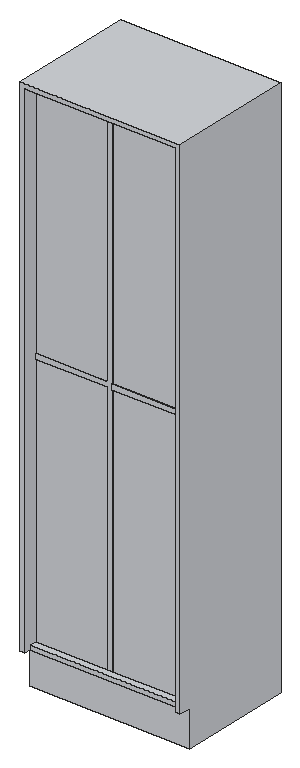
Revit family "Tall Choral Folio Cabinet", category Furniture, Revit 2011
Parameters (values of type "Standard Cabinet #60")
  URL = "http://www.wengercorp.com/Home/Contact.html"
  Toekick Material [instance] = none
  Thickness Wood = 3/4"
  RH End Panel [instance] = no
  Model = "60"
  Manufacturer = "Wenger Corporation"
  LH End Panel [instance] = no
  End Panel Material [instance] = none
  Edge Banding Material [instance] = none
  Door Material [instance] = none
  Description = "Standard Cabinet #60"
  Cabinet Width = 24 5/8"
  Cabinet Label = Labels : Standard
  Cabinet Height = 84"
  Cabinet Depth = 19 1/4"
  Cabinet Back Thickness = 3/4"
  Assembly Code = ""
Types (4): name | Thickness Wood | Model | Description | Cabinet Width | Cabinet Label | Cabinet Height | Cabinet Depth | Cabinet Back Thickness
  Standard Cabinet #60 | 3/4" | "60" | "Standard Cabinet #60" | 24 5/8" | Labels : Standard | 84" | 19 1/4" | 3/4"
  Acoustic Cabinet #60 | 0.74383" | "60A" | "Acoustic Cabinet #60" | 18 3/4" | Labels : Acoustic | 38 5/16" | 31 3/4" | 3 1/4"
  Narrow Acoustic Cabinet #60 | 0.74383" | "60NA" | "Narrow Acoustic Cabinet #60" | 14 3/4" | Labels : Narrow Acoustic | 38 5/16" | 31 3/4" | 3 1/4"
  Narrow Cabinet #60 | 0.74383" | "60N" | "Narrow Cabinet #60" | 14 3/4" | Labels : Narrow | 38 5/16" | 29 1/4" | 3/4"
Reference planes (in)
  plane 1 "Front": y = -12.6937
  plane 2: z = 0
  plane 3 "Left": x = -3.63898
  plane 4 "Top": z = 84
  plane 5: z = 5.5
  plane 6: x = 7.54852
  plane 7: x = 8.29852
  plane 8: y = 6.5563
  plane 9 "Left  Work Plane": x = -4.38898
  plane 10: x = 19.48602
  plane 11: y = -10.9437
  plane 12: y = 5.8063
  plane 13: z = 83.25
  plane 14: z = 46
  plane 15: z = 45.25
  plane 16 "Right Work Plane": x = 20.23602
  plane 17: z = 6.25
  plane 18: y = -11.8187
  plane 19: z = 79.25
  plane 20: z = 43.75
  plane 21 "Array Top": z = 81.75
  plane 22 "Array Plane": y = -10.6937
  plane 23: x = 7.92352
  plane 24: y = -2.6312
Forms (in)
  Extrusion 1, solid
    sketch origin (-4.38898, 0, 0) x (0, 0, 1) y (0, -1, 0)
      loop
        line (84, -6.5563) -> (84, 12.6937) -> (5.5, 12.6937) -> (5.5, 10.9437) -> (0, 10.9437) -> (0, -6.5563) -> (84, -6.5563)
    from 0 to 24.625 <- "Cabinet Width"
  Extrusion 2, void
    sketch origin (20.23602, 0, 0) x (0, 1, 0) y (0, 0, 1)
      loop
        line (-13.17024, 5.5) -> (-11.6937, 5.5) -> (-11.6937, 6.25) -> (-10.6937, 6.25) -> (-10.6937, 45.25) -> (-10.9437, 45.25) -> (-10.9437, 46) -> (-10.6937, 46) -> (-10.6937, 83.25) -> (-13.17024, 83.25) -> (-13.17024, 5.5)
    from -11.9375 to -0.75
  Extrusion 3, void
    sketch origin (20.23602, 0, 0) x (0, 1, 0) y (0, 0, 1)
      loop
        line (-13.17024, 5.5) -> (-11.6937, 5.5) -> (-11.6937, 6.25) -> (-10.6937, 6.25) -> (-10.6937, 45.25) -> (-10.8187, 45.25) -> (-10.8187, 46) -> (-10.6937, 46) -> (-10.6937, 83.25) -> (-13.17024, 83.25) -> (-13.17024, 5.5)
    from -23.875 to -12.6875
  Extrusion 4, void
    sketch origin (20.23602, 0, 0) x (0, 1, 0) y (0, 0, 1)
      loop
        line (-13.17024, 6.25) -> (-10.8187, 6.25) -> (-10.8187, 83.25) -> (-13.17024, 83.25) -> (-13.17024, 6.25)
    from -12.6875 to -11.9375
  Extrusion 5, void
    sketch origin (20.23602, 0, 0) x (0, 1, 0) y (0, 0, 1)
      loop
        line (-13.17024, 5.5) -> (-11.6937, 5.5) -> (-11.6937, 6.25) -> (-13.17024, 6.25) -> (-13.17024, 5.5)
    from -12.6875 to -11.9375
Cuts and joins
  Extrusion 2, Extrusion 3, Extrusion 4, Extrusion 5 cuts Extrusion 1
Lines and regions (in)
  model lines
    curve 1: line (-3.63898, -10.6937, 82) -> (7.61102, -10.6937, 82)
    curve 2: line (-3.63898, -10.6937, 80.5) -> (7.61102, -10.6937, 80.5)
    curve 3: line (-3.63898, -10.6937, 79) -> (7.61102, -10.6937, 79)
    curve 4: line (-3.63898, -10.6937, 77.5) -> (7.61102, -10.6937, 77.5)
    curve 5: line (-3.63898, -10.6937, 76) -> (7.61102, -10.6937, 76)
    curve 6: line (-3.63898, -10.6937, 74.5) -> (7.61102, -10.6937, 74.5)
    curve 7: line (-3.63898, -10.6937, 73) -> (7.61102, -10.6937, 73)
    curve 8: line (-3.63898, -10.6937, 71.5) -> (7.61102, -10.6937, 71.5)
    curve 9: line (-3.63898, -10.6937, 70) -> (7.61102, -10.6937, 70)
    curve 10: line (-3.63898, -10.6937, 68.5) -> (7.61102, -10.6937, 68.5)
    curve 11: line (-3.63898, -10.6937, 67) -> (7.61102, -10.6937, 67)
    curve 12: line (-3.63898, -10.6937, 65.5) -> (7.61102, -10.6937, 65.5)
    curve 13: line (-3.63898, -10.6937, 64) -> (7.61102, -10.6937, 64)
    curve 14: line (-3.63898, -10.6937, 62.5) -> (7.61102, -10.6937, 62.5)
    curve 15: line (-3.63898, -10.6937, 61) -> (7.61102, -10.6937, 61)
    curve 16: line (-3.63898, -10.6937, 59.5) -> (7.61102, -10.6937, 59.5)
    curve 17: line (-3.63898, -10.6937, 58) -> (7.61102, -10.6937, 58)
    curve 18: line (-3.63898, -10.6937, 56.5) -> (7.61102, -10.6937, 56.5)
    curve 19: line (-3.63898, -10.6937, 55) -> (7.61102, -10.6937, 55)
    curve 20: line (-3.63898, -10.6937, 53.5) -> (7.61102, -10.6937, 53.5)
    curve 21: line (-3.63898, -10.6937, 52) -> (7.61102, -10.6937, 52)
    curve 22: line (-3.63898, -10.6937, 50.5) -> (7.61102, -10.6937, 50.5)
    curve 23: line (-3.63898, -10.6937, 49) -> (7.61102, -10.6937, 49)
    curve 24: line (-3.63898, -10.6937, 47.5) -> (7.61102, -10.6937, 47.5)
    curve 25: line (8.36102, -10.6937, 82) -> (19.61102, -10.6937, 82)
    curve 26: line (8.36102, -10.6937, 80.5) -> (19.61102, -10.6937, 80.5)
    curve 27: line (8.36102, -10.6937, 79) -> (19.61102, -10.6937, 79)
    curve 28: line (8.36102, -10.6937, 77.5) -> (19.61102, -10.6937, 77.5)
    curve 29: line (8.36102, -10.6937, 76) -> (19.61102, -10.6937, 76)
    curve 30: line (8.36102, -10.6937, 74.5) -> (19.61102, -10.6937, 74.5)
    curve 31: line (8.36102, -10.6937, 73) -> (19.61102, -10.6937, 73)
    curve 32: line (8.36102, -10.6937, 71.5) -> (19.61102, -10.6937, 71.5)
    curve 33: line (8.36102, -10.6937, 70) -> (19.61102, -10.6937, 70)
    curve 34: line (8.36102, -10.6937, 68.5) -> (19.61102, -10.6937, 68.5)
    curve 35: line (8.36102, -10.6937, 67) -> (19.61102, -10.6937, 67)
    curve 36: line (8.36102, -10.6937, 65.5) -> (19.61102, -10.6937, 65.5)
    curve 37: line (8.36102, -10.6937, 64) -> (19.61102, -10.6937, 64)
    curve 38: line (8.36102, -10.6937, 62.5) -> (19.61102, -10.6937, 62.5)
    curve 39: line (8.36102, -10.6937, 61) -> (19.61102, -10.6937, 61)
    curve 40: line (8.36102, -10.6937, 59.5) -> (19.61102, -10.6937, 59.5)
    curve 41: line (8.36102, -10.6937, 58) -> (19.61102, -10.6937, 58)
    curve 42: line (8.36102, -10.6937, 56.5) -> (19.61102, -10.6937, 56.5)
    curve 43: line (8.36102, -10.6937, 55) -> (19.61102, -10.6937, 55)
    curve 44: line (8.36102, -10.6937, 53.5) -> (19.61102, -10.6937, 53.5)
    curve 45: line (8.36102, -10.6937, 52) -> (19.61102, -10.6937, 52)
    curve 46: line (8.36102, -10.6937, 50.5) -> (19.61102, -10.6937, 50.5)
    curve 47: line (8.36102, -10.6937, 49) -> (19.61102, -10.6937, 49)
    curve 48: line (8.36102, -10.6937, 47.5) -> (19.61102, -10.6937, 47.5)
    curve 49: line (-3.63898, -10.6937, 43.75) -> (7.61102, -10.6937, 43.75)
    curve 50: line (-3.63898, -10.6937, 42.25) -> (7.61102, -10.6937, 42.25)
    curve 51: line (-3.63898, -10.6937, 40.75) -> (7.61102, -10.6937, 40.75)
    curve 52: line (-3.63898, -10.6937, 39.25) -> (7.61102, -10.6937, 39.25)
    curve 53: line (-3.63898, -10.6937, 37.75) -> (7.61102, -10.6937, 37.75)
    curve 54: line (-3.63898, -10.6937, 36.25) -> (7.61102, -10.6937, 36.25)
    curve 55: line (-3.63898, -10.6937, 34.75) -> (7.61102, -10.6937, 34.75)
    curve 56: line (-3.63898, -10.6937, 33.25) -> (7.61102, -10.6937, 33.25)
    curve 57: line (-3.63898, -10.6937, 31.75) -> (7.61102, -10.6937, 31.75)
    curve 58: line (-3.63898, -10.6937, 30.25) -> (7.61102, -10.6937, 30.25)
    curve 59: line (-3.63898, -10.6937, 28.75) -> (7.61102, -10.6937, 28.75)
    curve 60: line (-3.63898, -10.6937, 27.25) -> (7.61102, -10.6937, 27.25)
    curve 61: line (-3.63898, -10.6937, 25.75) -> (7.61102, -10.6937, 25.75)
    curve 62: line (-3.63898, -10.6937, 24.25) -> (7.61102, -10.6937, 24.25)
    curve 63: line (-3.63898, -10.6937, 22.75) -> (7.61102, -10.6937, 22.75)
    curve 64: line (-3.63898, -10.6937, 21.25) -> (7.61102, -10.6937, 21.25)
    curve 65: line (-3.63898, -10.6937, 19.75) -> (7.61102, -10.6937, 19.75)
    curve 66: line (-3.63898, -10.6937, 18.25) -> (7.61102, -10.6937, 18.25)
    curve 67: line (-3.63898, -10.6937, 16.75) -> (7.61102, -10.6937, 16.75)
    curve 68: line (-3.63898, -10.6937, 15.25) -> (7.61102, -10.6937, 15.25)
    curve 69: line (-3.63898, -10.6937, 13.75) -> (7.61102, -10.6937, 13.75)
    curve 70: line (-3.63898, -10.6937, 12.25) -> (7.61102, -10.6937, 12.25)
    curve 71: line (-3.63898, -10.6937, 10.75) -> (7.61102, -10.6937, 10.75)
    curve 72: line (-3.63898, -10.6937, 9.25) -> (7.61102, -10.6937, 9.25)
    curve 73: line (-3.63898, -10.6937, 7.75) -> (7.61102, -10.6937, 7.75)
    curve 74: line (8.36102, -10.6937, 43.75) -> (19.61102, -10.6937, 43.75)
    curve 75: line (8.36102, -10.6937, 42.25) -> (19.61102, -10.6937, 42.25)
    curve 76: line (8.36102, -10.6937, 40.75) -> (19.61102, -10.6937, 40.75)
    curve 77: line (8.36102, -10.6937, 39.25) -> (19.61102, -10.6937, 39.25)
    curve 78: line (8.36102, -10.6937, 37.75) -> (19.61102, -10.6937, 37.75)
    curve 79: line (8.36102, -10.6937, 36.25) -> (19.61102, -10.6937, 36.25)
    curve 80: line (8.36102, -10.6937, 34.75) -> (19.61102, -10.6937, 34.75)
    curve 81: line (8.36102, -10.6937, 33.25) -> (19.61102, -10.6937, 33.25)
    curve 82: line (8.36102, -10.6937, 31.75) -> (19.61102, -10.6937, 31.75)
    curve 83: line (8.36102, -10.6937, 30.25) -> (19.61102, -10.6937, 30.25)
    curve 84: line (8.36102, -10.6937, 28.75) -> (19.61102, -10.6937, 28.75)
    curve 85: line (8.36102, -10.6937, 27.25) -> (19.61102, -10.6937, 27.25)
    curve 86: line (8.36102, -10.6937, 25.75) -> (19.61102, -10.6937, 25.75)
    curve 87: line (8.36102, -10.6937, 24.25) -> (19.61102, -10.6937, 24.25)
    curve 88: line (8.36102, -10.6937, 22.75) -> (19.61102, -10.6937, 22.75)
    curve 89: line (8.36102, -10.6937, 21.25) -> (19.61102, -10.6937, 21.25)
    curve 90: line (8.36102, -10.6937, 19.75) -> (19.61102, -10.6937, 19.75)
    curve 91: line (8.36102, -10.6937, 18.25) -> (19.61102, -10.6937, 18.25)
    curve 92: line (8.36102, -10.6937, 16.75) -> (19.61102, -10.6937, 16.75)
    curve 93: line (8.36102, -10.6937, 15.25) -> (19.61102, -10.6937, 15.25)
    curve 94: line (8.36102, -10.6937, 13.75) -> (19.61102, -10.6937, 13.75)
    curve 95: line (8.36102, -10.6937, 12.25) -> (19.61102, -10.6937, 12.25)
    curve 96: line (8.36102, -10.6937, 10.75) -> (19.61102, -10.6937, 10.75)
    curve 97: line (8.36102, -10.6937, 9.25) -> (19.61102, -10.6937, 9.25)
    curve 98: line (8.36102, -10.6937, 7.75) -> (19.61102, -10.6937, 7.75)
Dimensions and locks (in)
  cut or joined group of Extrusion 1, Extrusion 2, Extrusion 3, Extrusion 4, Extrusion 5 to cut or joined group of Extrusion 1, Extrusion 2, Extrusion 3, Extrusion 4, Extrusion 5 = 37 1/4"
  equal spacing: group 49, group 50, group 51, group 52, group 53, group 54, group 55, group 56, group 57, group 58, group 59, group 60, group 61, group 62, group 63, group 64, group 65, group 66, group 67, group 68, group 69, group 70, group 71, group 72, group 73  (x2)
  equal spacing: group 73, group 72, group 71, group 70, group 69, group 68, group 67, group 66, group 65, group 64, group 63, group 62, group 61, group 60, group 59, group 58, group 57, group 56, group 55, group 54, group 53, group 52, group 51, group 50, group 49
  equal spacing: group 74, group 75, group 76, group 77, group 78, group 79, group 80, group 81, group 82, group 83, group 84, group 85, group 86, group 87, group 88, group 89, group 90, group 91, group 92, group 93, group 94, group 95, group 96, group 97, group 98  (x2)
  equal spacing: group 98, group 97, group 96, group 95, group 94, group 93, group 92, group 91, group 90, group 89, group 88, group 87, group 86, group 85, group 84, group 83, group 82, group 81, group 80, group 79, group 78, group 77, group 76, group 75, group 74
  equal spacing: plane 8, plane 24, plane 18
  equal spacing: plane 9 "Left  Work Plane", plane 23, plane 16 "Right Work Plane"
  "Cabinet Depth": plane 1 "Front" to plane 8
  "Cabinet Width": plane 9 "Left  Work Plane" to plane 16 "Right Work Plane"
  "Thickness Wood": plane 9 "Left  Work Plane" to plane 3 "Left"
  equal spacing: plane 6, plane 23, plane 7
  "Thickness Wood": plane 6 to plane 7
  "Thickness Wood": plane 10 to plane 16 "Right Work Plane"
  "Thickness Wood": plane 8 to plane 12
  locked: plane 22 "Array Plane" to plane 11 at 0.25
  locked: plane 1 "Front" to plane 18 at 0.875
  locked: plane 18 to plane 11 at 0.875
  "Cabinet Height": plane 4 "Top" to level
  locked: plane 5 to level at 5.5
  "Thickness Wood": plane 17 to plane 5
  "Thickness Wood": plane 14 to plane 15
  locked: plane 15 to plane 20 at 1.5
  locked: plane 21 "Array Top" to plane 19 at 2.5
  locked: plane 13 to plane 21 "Array Top" at 1.5
  "Thickness Wood": plane 4 "Top" to plane 13
  aligned and locked: Extrusion 3 to plane 3 "Left"
  aligned and locked: plane 6 to Extrusion 3
  aligned and locked: Extrusion 2 to plane 7
  aligned and locked: plane 10 to Extrusion 2
  aligned and locked: plane 7 to Extrusion 5
  aligned and locked: Extrusion 5 to plane 6
  aligned and locked: plane 7 to Extrusion 4
  aligned and locked: Extrusion 4 to plane 6
Automatic sketch dimensions
  Extrusion 2 sketch curve to plane 13 = 0"
  Extrusion 2 sketch curve to plane 5 = 0"
  Extrusion 2 sketch curve to plane 17 = 0"
  Extrusion 2 sketch curve to plane 11 = 0"
  Extrusion 2 sketch curve to plane 12 = 16 1/2"  (x2)
  Extrusion 2 sketch curve to plane 15 = 0"
  Extrusion 2 sketch curve to plane 14 = 0"
  Extrusion 2 sketch curve to plane 18 = 1/8"
  plane 1 "Front" to Extrusion 2 sketch curve = 61/128"
  Extrusion 3 sketch curve to plane 13 = 0"
  Extrusion 3 sketch curve to plane 5 = 0"
  Extrusion 3 sketch curve to plane 14 = 0"
  Extrusion 3 sketch curve to plane 18 = 1"
  Extrusion 3 sketch curve to plane 17 = 0"
  Extrusion 3 sketch curve to plane 12 = 16 1/2"  (x2)
  Extrusion 3 sketch curve to plane 15 = 0"
  plane 1 "Front" to Extrusion 3 sketch curve = 61/128"
  Extrusion 3 sketch curve to plane 18 = 1/8"
  Extrusion 4 sketch curve to plane 13 = 0"
  Extrusion 4 sketch curve to plane 17 = 0"
  Extrusion 4 sketch curve to plane 18 = 1"
  plane 1 "Front" to Extrusion 4 sketch curve = 61/128"
  Extrusion 5 sketch curve to plane 17 = 0"
  Extrusion 5 sketch curve to plane 5 = 0"
  Extrusion 5 sketch curve to plane 18 = 1/8"
  plane 1 "Front" to Extrusion 5 sketch curve = 61/128"
  Extrusion 1 sketch curve to level = 0"
  Extrusion 1 sketch curve to plane 5 = 0"
  Extrusion 1 sketch curve to plane 1 "Front" = 0"
  Extrusion 1 sketch curve to plane 4 "Top" = 0"
  Extrusion 1 sketch curve to plane 8 = 0"
  Extrusion 1 sketch curve to plane 11 = 0"
Nested families (in)
  nested 1: "Labels" at (8.73602, -2.5687, 0), type "Acoustic"
  nested 2: "Front Note" at (8.07416, -12.46037, 0), type "Front Note", detail levels medium+fine
Definition of nested family "Labels"
  Parameters (values of type "Standard")
    Cabinet Label = "01"
  Types (4): name | Cabinet Label
    Standard | "01"
    Narrow | "01N"
    Narrow Acoustic | "01NA"
    Acoustic | "01A"
  Reference planes (in)
    plane 1: y = 0
    plane 2: x = 0
  Text (in)
    label "xxxx" at (-0.00018, 0.00754, 0), shows "Cabinet Label"
Definition of nested family "Front Note"
  Parameters (values of type "Front Note")
    Cabinet Label = "Front"
  Reference planes (in)
    plane 1: y = 0
    plane 2: x = 0
  Text (in)
    label "Front" at (-0.00018, 0.00754, 0), shows "Cabinet Label"
